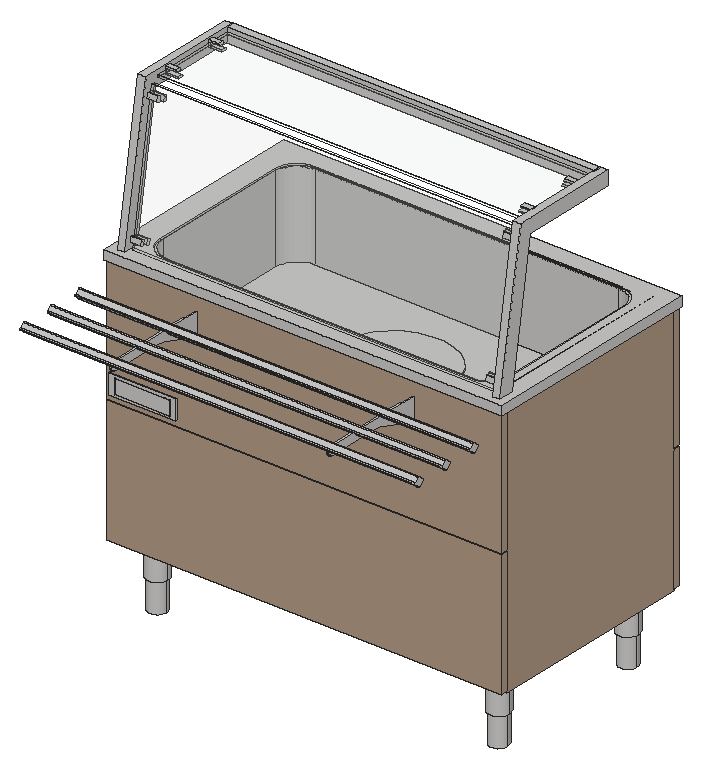
Revit family "QF_ELECTROLUXPROFESSIONAL_322094_F11C3AF01W", category Specialty Equipment, Revit 2018 (continued)
Automatic sketch dimensions
  curve 4 to plane 4 "FRONT" = 0 mm
  curve 69 to plane 34 = 1 mm
  curve 38 to plane 34 = 1 mm
  curve 42 to plane 34 = 0 mm
  curve 74 to plane 16 = 5.5 mm
  curve 45 to plane 16 = 5.5 mm
  curve 71 to curve 73 = 1.989 mm
  curve 34 to curve 36 = 2 mm
  curve 31 to plane 16 = 3.5 mm
  curve 29 to plane 16 = 3.5 mm
  plane 16 to curve 44 = 2.062 mm
  curve 99 to plane 9 = 11.101 mm
  plane 29 to curve 99 = 105.281 mm
  curve 100 to plane 3 "BACK" = 2 mm
  curve 100 to plane 28 = 26.966 mm
  curve 22 to plane 17 = 2.062 mm
  curve 26 to plane 17 = 2.062 mm
  curve 60 to plane 17 = 2.062 mm
  plane 17 to curve 62 = 3.5 mm
  plane 17 to curve 83 = 3.511 mm
  curve 83 to curve 87 = 1.989 mm
  curve 53 to curve 62 = 2 mm
  plane 35 to curve 93 = 0 mm
  plane 35 to curve 55 = 1 mm
  curve 78 to curve 80 = 1 mm
  curve 13 to plane 24 = 2.344 mm
  curve 10 to plane 24 = 2.344 mm
  plane 24 to curve 86 = 13.819 mm
  plane 24 to curve 74 = 13.819 mm
  curve 73 to curve 74 = 2.431 mm
  curve 84 to curve 82 = 2.431 mm
  curve 82 to curve 83 = 2.493 mm
  curve 71 to curve 73 = 2.493 mm
  curve 72 to curve 70 = 2.431 mm
  curve 83 to curve 81 = 2.431 mm
  curve 69 to curve 69 = 9.848 mm
  curve 80 to curve 80 = 9.848 mm
  plane 15 to curve 50 = 6.122 mm
  plane 15 to curve 36 = 6.122 mm
  curve 33 to curve 35 = 2.431 mm
  curve 50 to curve 51 = 2.431 mm
  curve 51 to curve 63 = 2.493 mm
  curve 34 to curve 46 = 2.493 mm
  curve 53 to curve 63 = 2.431 mm
  curve 65 to curve 38 = 7.355 mm
  curve 64 to curve 91 = 2.954 mm
  curve 48 to curve 56 = 6.894 mm
  curve 91 to curve 38 = 6.894 mm
  curve 39 to curve 47 = 1.229 mm
  curve 60 to curve 93 = 2.617 mm
  curve 47 to curve 94 = 2.617 mm
  curve 59 to curve 59 = 1.078 mm
  curve 42 to curve 41 = 1.078 mm
  curve 41 to curve 89 = 8.954 mm
  curve 89 to curve 29 = 32.796 mm
  curve 60 to curve 26 = 42.828 mm
  curve 25 to curve 25 = 14 mm
  curve 28 to curve 27 = 14 mm
  plane 1 "Centro (Fronte/Retro)" to curve 22 = 3 mm
  plane 1 "Centro (Fronte/Retro)" to curve 32 = 3 mm
  curve 30 to plane 1 "Centro (Fronte/Retro)" = 11 mm
  curve 22 to plane 1 "Centro (Fronte/Retro)" = 11 mm
  plane 36 to curve 14 = 26.023 mm
  plane 36 to curve 97 = 6.023 mm
  curve 97 to plane 16 = 13 mm
  curve 97 to curve 98 = 5 mm
  curve 73 to curve 88 = 0.034 mm
  plane 16 to curve 44 = 0.999 mm
  curve 101 to plane 9 = 28.421 mm
  curve 101 to curve 100 = 10 mm
  curve 101 to curve 100 = 46.005 mm
  curve 99 to curve 100 = 6.005 mm
  curve 61 to plane 17 = 0.999 mm
  plane 17 to curve 95 = 8 mm
  curve 95 to curve 96 = 5 mm
  curve 79 to curve 78 = 2.431 mm
  curve 68 to curve 67 = 2.431 mm
  curve 78 to curve 77 = 4.924 mm
  curve 67 to curve 66 = 4.924 mm
  plane 15 to curve 15 = 3.892 mm
  curve 16 to curve 50 = 2.23 mm
  curve 57 to curve 55 = 2.431 mm
  curve 40 to curve 38 = 2.431 mm
  curve 113 to curve 114 = 0 mm  (x2)
  curve 115 to curve 116 = 0 mm  (x2)
  curve 117 to curve 118 = 0 mm  (x2)
  curve 119 to curve 120 = 0 mm  (x2)
  curve 121 to curve 122 = 0 mm  (x2)
  curve 123 to curve 124 = 0 mm  (x2)
  curve 125 to curve 126 = 0 mm  (x2)
  curve 127 to curve 128 = 0 mm  (x2)
  curve 129 to curve 130 = 0 mm  (x2)
  curve 131 to curve 132 = 0 mm  (x2)
  curve 133 to curve 134 = 0 mm  (x2)
  curve 135 to curve 136 = 0 mm  (x2)
  curve 137 to curve 138 = 0 mm  (x2)
  curve 139 to curve 140 = 0 mm  (x2)
  curve 141 to curve 142 = 0 mm  (x2)
  curve 143 to curve 144 = 0 mm  (x2)
  curve 145 to curve 146 = 0 mm  (x2)
  curve 147 to curve 148 = 0 mm  (x2)
  curve 149 to curve 150 = 0 mm  (x2)
  curve 151 to curve 152 = 0 mm  (x2)
  curve 153 to curve 154 = 0 mm  (x2)
  curve 155 to curve 156 = 0 mm  (x2)
  curve 157 to curve 158 = 0 mm  (x2)
  curve 159 to curve 160 = 0 mm  (x2)
  curve 161 to curve 162 = 0 mm  (x2)
  curve 163 to curve 164 = 0 mm  (x2)
  curve 165 to curve 166 = 0 mm  (x2)
  curve 167 to curve 168 = 0 mm  (x2)
  curve 169 to curve 170 = 0 mm  (x2)
  curve 171 to curve 172 = 0 mm  (x2)
  curve 173 to curve 174 = 0 mm  (x2)
  curve 175 to curve 176 = 0 mm  (x2)
  curve 177 to curve 178 = 0 mm  (x2)
  curve 179 to curve 180 = 0 mm  (x2)
  curve 181 to curve 182 = 0 mm  (x2)
  curve 183 to curve 184 = 0 mm  (x2)
  curve 185 to curve 186 = 0 mm  (x2)
  curve 187 to curve 188 = 0 mm  (x2)
  curve 189 to curve 190 = 0 mm  (x2)
  curve 191 to curve 192 = 0 mm  (x2)
  curve 193 to curve 194 = 0 mm  (x2)
  curve 195 to curve 196 = 0 mm  (x2)
  curve 197 to curve 198 = 0 mm  (x2)
  curve 199 to curve 200 = 0 mm  (x2)
  curve 201 to curve 202 = 0 mm  (x2)
  curve 203 to curve 204 = 0 mm  (x2)
  curve 205 to curve 206 = 0 mm  (x2)
  curve 207 to curve 208 = 0 mm  (x2)
  curve 209 to curve 210 = 0 mm  (x2)
  curve 211 to curve 212 = 0 mm  (x2)
  curve 213 to curve 214 = 0 mm  (x2)
  curve 215 to curve 216 = 0 mm  (x2)
  curve 217 to curve 218 = 0 mm  (x2)
  curve 219 to curve 220 = 0 mm  (x2)
  curve 221 to curve 222 = 0 mm  (x2)
  curve 223 to curve 224 = 0 mm  (x2)
  curve 225 to curve 226 = 0 mm  (x2)
  curve 227 to curve 228 = 0 mm  (x2)
  curve 229 to curve 230 = 0 mm  (x2)
  curve 231 to curve 232 = 0 mm  (x2)
  curve 233 to curve 234 = 0 mm  (x2)
  curve 235 to curve 236 = 0 mm  (x2)
  curve 237 to curve 238 = 0 mm  (x2)
  curve 239 to curve 240 = 0 mm  (x2)
  curve 241 to curve 242 = 0 mm  (x2)
  curve 243 to curve 244 = 0 mm  (x2)
  curve 245 to curve 246 = 0 mm  (x2)
  curve 247 to curve 248 = 0 mm  (x2)
  curve 249 to curve 250 = 0 mm  (x2)
  curve 251 to curve 252 = 0 mm  (x2)
  plane 1 "Centro (Fronte/Retro)" to curve 114 = 0 mm
  plane 1 "Centro (Fronte/Retro)" to curve 224 = 0 mm
  plane 1 "Centro (Fronte/Retro)" to curve 222 = 0 mm
  plane 1 "Centro (Fronte/Retro)" to curve 219 = 0 mm
  plane 1 "Centro (Fronte/Retro)" to curve 116 = 0 mm
  plane 1 "Centro (Fronte/Retro)" to curve 152 = 0 mm
  plane 1 "Centro (Fronte/Retro)" to curve 153 = 0 mm
  plane 1 "Centro (Fronte/Retro)" to curve 155 = 0 mm
  plane 17 to curve 107 = 8 mm
  plane 41 to curve 106 = 26 mm
  plane 41 to curve 109 = 26 mm
  plane 8 to curve 224 = 59.894 mm
  curve 223 to curve 240 = 0.679 mm
  curve 223 to curve 206 = 0.679 mm
  curve 239 to curve 241 = 4.368 mm
  curve 205 to curve 208 = 4.368 mm
  plane 38 to curve 209 = 3.706 mm
  curve 207 to curve 209 = 7.5 mm
  curve 243 to plane 39 = 3.706 mm
  curve 241 to curve 243 = 7.5 mm
  curve 223 to curve 221 = 20 mm
  curve 221 to curve 214 = 0.055 mm
  curve 221 to curve 248 = 0.055 mm
  curve 211 to plane 38 = 4.105 mm
  curve 209 to curve 211 = 9.168 mm
  plane 39 to curve 246 = 4.105 mm
  curve 243 to curve 246 = 9.168 mm
  curve 213 to curve 215 = 3.411 mm
  curve 247 to curve 250 = 3.411 mm
  curve 215 to curve 200 = 8.25 mm
  curve 249 to curve 234 = 8.25 mm
  plane 37 to curve 204 = 0.547 mm
  curve 211 to curve 204 = 10.401 mm
  curve 237 to plane 36 = 0.547 mm
  curve 245 to curve 237 = 10.401 mm
  curve 235 to plane 39 = 4.966 mm
  curve 233 to curve 235 = 8.196 mm
  plane 38 to curve 202 = 4.966 mm
  curve 199 to curve 202 = 8.196 mm
  plane 8 to curve 220 = 19.894 mm
  curve 219 to curve 218 = 1.522 mm
  curve 219 to curve 252 = 1.522 mm
  curve 251 to curve 231 = 4.335 mm
  curve 217 to curve 198 = 4.335 mm
  curve 192 to plane 37 = 3.821 mm
  plane 8 to curve 192 = 14.023 mm
  plane 36 to curve 226 = 3.821 mm
  plane 8 to curve 226 = 14.023 mm
  curve 228 to plane 39 = 1.555 mm
  curve 235 to curve 228 = 9.668 mm
  plane 38 to curve 193 = 1.555 mm
  curve 201 to curve 193 = 9.668 mm
  plane 8 to curve 196 = 7.547 mm
  plane 8 to curve 229 = 7.547 mm
  plane 8 to curve 114 = 0.5 mm
  curve 117 to plane 8 = 0.106 mm
  curve 186 to plane 8 = 0.106 mm
  curve 116 to plane 8 = 0.106 mm
  curve 187 to plane 8 = 0.106 mm
  curve 121 to plane 8 = 0.106 mm
  curve 120 to plane 8 = 0.106 mm
  curve 189 to plane 8 = 0.106 mm
  curve 161 to plane 8 = 7.76 mm
  curve 128 to plane 8 = 7.76 mm
  curve 160 to plane 39 = 1.555 mm
  curve 187 to curve 160 = 10.42 mm
  plane 38 to curve 126 = 1.555 mm
  curve 119 to curve 126 = 10.42 mm
  curve 123 to plane 37 = 3.821 mm
  curve 121 to curve 123 = 14.129 mm
  plane 36 to curve 157 = 3.821 mm
  curve 189 to curve 157 = 14.129 mm
  curve 161 to curve 164 = 6.488 mm
  curve 127 to curve 129 = 6.488 mm
  curve 163 to curve 183 = 4.335 mm
  curve 129 to curve 149 = 4.335 mm
  curve 183 to curve 151 = 1.522 mm
  curve 167 to plane 39 = 4.966 mm
  curve 159 to curve 167 = 9.668 mm
  plane 38 to curve 134 = 4.966 mm
  curve 125 to curve 134 = 9.668 mm
  curve 170 to plane 36 = 0.547 mm
  curve 157 to curve 170 = 13.754 mm
  plane 37 to curve 135 = 0.547 mm
  curve 123 to curve 135 = 13.754 mm
  curve 167 to curve 166 = 8.196 mm
  curve 133 to curve 132 = 8.196 mm
  curve 165 to curve 182 = 8.25 mm
  curve 131 to curve 148 = 8.25 mm
  curve 144 to plane 38 = 4.105 mm
  curve 135 to curve 144 = 10.401 mm
  plane 39 to curve 177 = 4.105 mm
  curve 169 to curve 177 = 10.401 mm
  curve 147 to curve 146 = 3.411 mm
  curve 181 to curve 179 = 3.411 mm
  curve 179 to curve 153 = 0.055 mm
  curve 176 to plane 39 = 3.706 mm
  curve 177 to curve 176 = 9.168 mm
  plane 38 to curve 141 = 3.706 mm
  curve 143 to curve 141 = 9.168 mm
  curve 175 to curve 174 = 7.5 mm
  curve 141 to curve 140 = 7.5 mm
  curve 139 to curve 138 = 4.368 mm
  curve 173 to curve 172 = 4.368 mm
  curve 171 to curve 155 = 0.679 mm
  curve 112 to plane 40 = 19 mm
  curve 109 to plane 40 = 19 mm
  curve 111 to plane 16 = 8 mm
  plane 36 to curve 189 = 4.5 mm
  curve 107 to plane 14 = 29 mm
  curve 188 to plane 39 = 1.5 mm
  curve 235 to curve 234 = 8.25 mm
  curve 167 to curve 165 = 8.25 mm
  curve 244 to curve 241 = 9.91 mm
  curve 175 to curve 174 = 9.91 mm
  curve 165 to curve 181 = 8.196 mm
  curve 233 to curve 250 = 8.196 mm
  curve 185 to curve 115 = 20 mm
  curve 185 to curve 161 = 1.522 mm
  curve 186 to curve 230 = 1.522 mm
  curve 161 to curve 163 = 4.335 mm
  curve 229 to curve 231 = 4.335 mm
  curve 241 to curve 239 = 13.754 mm
  curve 173 to curve 171 = 13.754 mm
  curve 181 to curve 180 = 9.668 mm
  curve 250 to curve 247 = 9.668 mm
  curve 231 to curve 252 = 6.488 mm
  curve 163 to curve 184 = 6.488 mm
  plane 1 "Centro (Fronte/Retro)" to curve 149 = 7.654 mm
  plane 1 "Centro (Fronte/Retro)" to curve 218 = 7.654 mm
  plane 1 "Centro (Fronte/Retro)" to curve 146 = 10.42 mm
  plane 1 "Centro (Fronte/Retro)" to curve 214 = 10.42 mm
  plane 1 "Centro (Fronte/Retro)" to curve 138 = 14.129 mm
  plane 1 "Centro (Fronte/Retro)" to curve 206 = 14.129 mm
  curve 217 to curve 198 = 6.488 mm
  curve 149 to curve 129 = 6.488 mm
  curve 197 to curve 195 = 4.335 mm
  curve 129 to curve 127 = 4.335 mm
  curve 196 to curve 118 = 1.522 mm
  curve 145 to curve 148 = 9.668 mm
  curve 214 to curve 216 = 9.668 mm
  curve 207 to curve 209 = 9.91 mm
  curve 139 to curve 141 = 9.91 mm
  curve 147 to curve 132 = 8.196 mm
  curve 216 to curve 200 = 8.196 mm
  plane 38 to curve 120 = 1.5 mm
  curve 122 to plane 37 = 4.5 mm
  plane 15 to curve 108 = 29 mm
  curve 254 to plane 28 = 142 mm
  curve 114 to curve 223 = 95.606 mm
  curve 224 to curve 223 = 3 mm
  curve 205 to curve 205 = 3 mm
  curve 239 to curve 239 = 3 mm
  curve 208 to curve 207 = 3 mm
  curve 242 to curve 241 = 3 mm
  curve 243 to curve 243 = 3 mm
  curve 210 to curve 209 = 3 mm
  curve 222 to curve 221 = 3 mm
  curve 214 to curve 213 = 3 mm
  curve 247 to curve 247 = 3 mm
  curve 211 to curve 211 = 3 mm
  curve 246 to curve 245 = 3 mm
  curve 216 to curve 215 = 3 mm
  curve 250 to curve 249 = 3 mm
  curve 234 to curve 233 = 3 mm
  curve 200 to curve 199 = 3 mm
  curve 203 to curve 203 = 3 mm
  curve 238 to curve 237 = 3 mm
  curve 202 to curve 201 = 3 mm
  curve 235 to curve 235 = 3 mm
  curve 219 to curve 219 = 3 mm
  curve 252 to curve 251 = 3 mm
  curve 217 to curve 217 = 3 mm
  curve 232 to curve 231 = 3 mm
  curve 198 to curve 197 = 3 mm
  curve 192 to curve 191 = 3 mm
  curve 225 to curve 225 = 3 mm
  curve 193 to curve 193 = 3 mm
  curve 228 to curve 227 = 3 mm
  curve 229 to curve 229 = 3 mm
  curve 195 to curve 195 = 3 mm
  curve 116 to curve 113 = 2.394 mm
  plane 8 to curve 120 = 2.894 mm
  plane 8 to curve 122 = 2.894 mm
  plane 8 to curve 190 = 2.894 mm
  plane 8 to curve 187 = 2.894 mm
  curve 229 to curve 186 = 1.654 mm
  curve 196 to curve 117 = 1.654 mm
  curve 117 to curve 127 = 1.654 mm
  curve 185 to curve 161 = 1.654 mm
  curve 125 to curve 125 = 3 mm
  curve 160 to curve 159 = 3 mm
  curve 158 to curve 157 = 3 mm
  curve 123 to curve 123 = 3 mm
  curve 164 to curve 163 = 3 mm
  curve 129 to curve 129 = 3 mm
  curve 149 to curve 149 = 3 mm
  curve 184 to curve 183 = 3 mm
  curve 152 to curve 151 = 3 mm
  curve 168 to curve 167 = 3 mm
  curve 133 to curve 133 = 3 mm
  curve 136 to curve 135 = 3 mm
  curve 169 to curve 169 = 3 mm
  curve 132 to curve 131 = 3 mm
  curve 166 to curve 165 = 3 mm
  curve 148 to curve 147 = 3 mm
  curve 181 to curve 181 = 3 mm
  curve 143 to curve 143 = 3 mm
  curve 178 to curve 177 = 3 mm
  curve 146 to curve 145 = 3 mm
  curve 179 to curve 179 = 3 mm
  curve 153 to curve 153 = 3 mm
  curve 176 to curve 175 = 3 mm
  curve 142 to curve 141 = 3 mm
  curve 139 to curve 139 = 3 mm
  curve 174 to curve 173 = 3 mm
  curve 171 to curve 171 = 3 mm
  curve 138 to curve 137 = 3 mm
  curve 155 to curve 155 = 3 mm
  plane 29 to curve 253 = 142 mm
  radius of Extrusion 26 sketch curve = 10 mm
  radius of Extrusion 27 sketch curve = 10 mm
Nested families
  nested 1: "Foot_Ø50_H150" at (-986.269, -148.263, 0), type "Foot_Ø50_H150"
  nested 2: "Foot_Ø50_H150" at (-42.269, -148.263, 0), type "Foot_Ø50_H150"
  nested 3: "Foot_Ø50_H150" at (-42.269, 297.737, 0), type "Foot_Ø50_H150"
  nested 4: "Foot_Ø50_H150" at (-986.269, 297.737, 0), type "Foot_Ø50_H150"
  nested 5: "Cold Well Static w. Fan1100" at (0, 0, 0), type "Cold Well Static w. Fan1100"
    with Show Clearance yes
  nested 6: "Controller_compact" at (-958.019, -231.263, 572.8) x (-1, 0, 0) z (0, -1, 0), type "Controller_compact"
  nested 7: "Refrigerator" at (-144.269, -45.263, 900), type "Refrigerator"
Connectors
  piping at (-997.269, 124.737, 166), diameter 20
    settings: on Extrusion 26, index 6, connector inside diameter 609.6 mm, connector length 0 mm, flow factor 0, pipe flow 0.0 L/s, pressure drop 0.0 Pa, fitting loss kfactor 0, connector angle 0.00°, fixture units 0, engagement length 0 mm, angle of deflection 0.00°, flow configuration 1, flow direction 2, fitting loss method 0, system type 16, joint type 0, gender type 0, connector reference index -1, connector utility 0, adjustable connector no, is connector primary yes, connector description ""
  electrical at (-997.269, 24.737, 166)
    settings: on Extrusion 27, index 8, voltage 0 V, apparent load 0 VA, apparent load phase1 0 VA, apparent load phase2 0 VA, apparent load phase3 0 VA, power factor 1, load classification "Other", number of poles 1, system type 31, power factor state 1, is connector primary yes, connector utility no, sub classification motor no, connector description ""
Definition of nested family "Foot_Ø50_H150"
  Reference planes
    plane 1 "Centro (Fronte/Retro)": y = 0
    plane 2: z = 0
    plane 3 "Centro (Sinistra/Destra)": x = 0
    plane 4: z = 178
  Forms (mm)
    Revolve 1, solid
      sketch origin (255.05, 0, 608.09) x (0, 0, 1) y (-1, 0, 0)
        loop
          line (-608.09, 255.05) -> (-608.09, 230.05) -> (-526.09, 230.05) -> (-526.09, 226.05) -> (-430.09, 226.05) -> (-430.09, 255.05) -> (-608.09, 255.05)
        axis (-608.09, 255.05) -> (-430.09, 255.05)
      angle from 0 to 360
  Dimensions and locks
    Revolve 1 sketch curve to Revolve 1 sketch curve = 96 mm
    aligned and locked: level to plane 2
    aligned and locked: plane 4 to Revolve 1 sketch curve
    aligned and locked: Revolve 1 sketch curve to level
    aligned and locked: plane 3 "Centro (Sinistra/Destra)" to Revolve 1 sketch curve
Definition of nested family "Cold Well Static w. Fan1100"
  Parameters (values of type "Cold Well Static w. Fan1100")
    Show Clearance [instance] = yes
  Reference planes
    plane 1 "Centro (Fronte/Retro)": y = 74.737
    plane 2: z = 0
    plane 3 "BACK": y = 384.737
    plane 4 "FRONT": y = -235.263
    plane 5 "RIGHT": x = 35.731
    plane 6 "LEFT": x = -1064.269
    plane 7: x = -514.269
    plane 8 "TOP": z = 900
    plane 9: y = 352.737
    plane 10: y = -203.263
    plane 11: x = -11.469
    plane 12: x = -1017.069
    plane 13: y = 329.737
    plane 14: y = -180.263
    plane 15: x = -994.269
    plane 16: x = -34.269
    plane 17: z = 898
    plane 18: z = 658
    plane 19: z = 661
    plane 20: z = 624.1
    plane 21: x = -346.269
    plane 22: y = 188.737
    plane 23: y = -39.263
    plane 24: x = -650.269
    plane 25: z = 265
    plane 26: x = -939.269
    plane 27: x = -927.269
    plane 28: y = -200.063
    plane 29: y = 349.537
    plane 30 "1": y = 254.737
    plane 31: x = -489.269
    plane 32: y = -165.263
    plane 33: y = 314.737
  Forms (mm)
    Extrusion 1, solid
      sketch origin (0, 0, 900) x (-1, 0, 0) y (0, -1, 0)
        loop
          line (11.469, -352.737) -> (1017.069, -352.737) -> (1017.069, 203.263) -> (11.469, 203.263) -> (11.469, -352.737)
      from -2 to -242
    Extrusion 2, void
      sketch origin (0, 0, 900) x (-1, 0, 0) y (0, -1, 0)
        loop
          line (994.269, -268.737) -> (994.269, 119.263)
          arc (994.269, 119.263) -> (976.402, 162.396) -> (933.269, 180.263) r 61
          line (933.269, 180.263) -> (95.269, 180.263)
          arc (95.269, 180.263) -> (52.135, 162.396) -> (34.269, 119.263) r 61
          line (34.269, 119.263) -> (34.269, -268.737)
          arc (34.269, -268.737) -> (52.135, -311.871) -> (95.269, -329.737) r 61
          line (95.269, -329.737) -> (933.269, -329.737)
          arc (933.269, -329.737) -> (976.402, -311.871) -> (994.269, -268.737) r 61
      from 0 to -239
    Extrusion 3, solid
      sketch origin (0, 0, 900) x (-1, 0, 0) y (0, -1, 0)
        loop
          line (650.269, -188.737) -> (650.269, 39.263) -> (346.269, 39.263) -> (346.269, -188.737) -> (650.269, -188.737)
      from -242 to -275.9
    Extrusion 4, solid
      sketch origin (0, 0, 900) x (-1, 0, 0) y (0, -1, 0)
        loop
          circle (513.769, -74.737) r 155
        loop
          circle (514.375, -74.737) r 3
        loop
          circle (534.375, -74.737) r 3
        loop
          circle (554.375, -74.737) r 3
        loop
          circle (574.375, -74.737) r 3
        loop
          circle (514.375, -54.737) r 3
        loop
          circle (514.375, -34.737) r 3
        loop
          circle (514.375, -14.737) r 3
        loop
          circle (528.517, -60.595) r 3
        loop
          circle (542.659, -46.453) r 3
        loop
          circle (552.659, -29.132) r 3
        loop
          circle (522.029, -56.259) r 3
        loop
          circle (532.852, -67.083) r 3
        loop
          circle (524.795, -34.792) r 3
        loop
          circle (528.504, -15.416) r 3
        loop
          circle (534.463, -38.203) r 3
        loop
          circle (542.258, -19.785) r 3
        loop
          circle (554.32, -64.317) r 3
        loop
          circle (573.696, -60.608) r 3
        loop
          circle (550.909, -54.649) r 3
        loop
          circle (569.327, -46.854) r 3
        loop
          circle (561.827, -36.943) r 3
        loop
          circle (528.517, -88.879) r 3
        loop
          circle (542.659, -103.021) r 3
        loop
          circle (552.659, -120.342) r 3
        loop
          circle (522.029, -93.215) r 3
        loop
          circle (532.852, -82.391) r 3
        loop
          circle (524.795, -114.682) r 3
        loop
          circle (528.504, -134.058) r 3
        loop
          circle (534.463, -111.271) r 3
        loop
          circle (542.258, -129.69) r 3
        loop
          circle (554.32, -85.157) r 3
        loop
          circle (573.696, -88.866) r 3
        loop
          circle (550.909, -94.825) r 3
        loop
          circle (569.327, -102.621) r 3
        loop
          circle (561.827, -112.531) r 3
        loop
          circle (514.375, -94.737) r 3
        loop
          circle (514.375, -114.737) r 3
        loop
          circle (514.375, -134.737) r 3
        loop
          circle (494.375, -74.737) r 3
        loop
          circle (474.375, -74.737) r 3
        loop
          circle (454.375, -74.737) r 3
        loop
          circle (500.233, -60.595) r 3
        loop
          circle (486.091, -46.453) r 3
        loop
          circle (476.091, -29.132) r 3
        loop
          circle (506.721, -56.259) r 3
        loop
          circle (495.897, -67.083) r 3
        loop
          circle (503.955, -34.792) r 3
        loop
          circle (500.246, -15.416) r 3
        loop
          circle (494.287, -38.203) r 3
        loop
          circle (486.491, -19.785) r 3
        loop
          circle (474.43, -64.317) r 3
        loop
          circle (455.054, -60.608) r 3
        loop
          circle (477.841, -54.649) r 3
        loop
          circle (459.422, -46.854) r 3
        loop
          circle (466.922, -36.943) r 3
        loop
          circle (500.233, -88.879) r 3
        loop
          circle (486.091, -103.021) r 3
        loop
          circle (476.091, -120.342) r 3
        loop
          circle (506.721, -93.215) r 3
        loop
          circle (495.897, -82.391) r 3
        loop
          circle (503.955, -114.682) r 3
        loop
          circle (500.246, -134.058) r 3
        loop
          circle (494.287, -111.271) r 3
        loop
          circle (486.491, -129.69) r 3
        loop
          circle (474.43, -85.157) r 3
        loop
          circle (455.054, -88.866) r 3
        loop
          circle (477.841, -94.825) r 3
        loop
          circle (459.422, -102.621) r 3
        loop
          circle (466.922, -112.531) r 3
      from -233.523 to -230.523
  Cuts and joins
    Extrusion 2 cuts Extrusion 1
  Lines and regions (mm)
    symbolic lines
      curve 1: line (25.731, 384.737, 900) -> (-1054.269, 384.737, 900)
      curve 2: arc (-1054.269, 384.737, 900) -> (-1061.34, 381.808, 900) -> (-1064.269, 374.737, 900) r 10
      curve 3: line (-1064.269, 374.737, 900) -> (-1064.269, -225.263, 900)
      curve 4: arc (-1064.269, -225.263, 900) -> (-1061.34, -232.334, 900) -> (-1054.269, -235.263, 900) r 10
      curve 5: line (-1054.269, -235.263, 900) -> (25.731, -235.263, 900)
      curve 6: arc (25.731, -235.263, 900) -> (32.802, -232.334, 900) -> (35.731, -225.263, 900) r 10
      curve 7: line (35.731, -225.263, 900) -> (35.731, 374.737, 900)
      curve 8: arc (35.731, 374.737, 900) -> (32.802, 381.808, 900) -> (25.731, 384.737, 900) r 10
  Dimensions and locks
    plane 6 "LEFT" to plane 5 "RIGHT" = 1100 mm
    equal spacing: plane 3 "BACK", plane 1 "Centro (Fronte/Retro)", plane 4 "FRONT"
    plane 3 "BACK" to plane 4 "FRONT" = 620 mm
    equal spacing: plane 6 "LEFT", plane 7, plane 5 "RIGHT"
    locked: plane 8 "TOP" to plane 2 at 900
    locked: plane 6 "LEFT" to plane 12 at 47.2
    locked: plane 11 to plane 5 "RIGHT" at 47.2
    locked: plane 3 "BACK" to plane 9 at 32
    locked: plane 10 to plane 4 "FRONT" at 32
    locked: plane 3 "BACK" to plane 13 at 55
    locked: plane 14 to plane 4 "FRONT" at 55
    locked: plane 6 "LEFT" to plane 15 at 70
    locked: plane 16 to plane 5 "RIGHT" at 70
    locked: plane 8 "TOP" to plane 17 at 2
    plane 8 "TOP" to plane 18 = 242 mm
    locked: plane 19 to plane 18 at 3
    locked: plane 8 "TOP" to plane 20 at 275.9
    plane 21 to plane 11 = 334.8 mm
    locked: plane 9 to plane 22 at 164
    locked: plane 23 to plane 10 at 164
    plane 12 to plane 24 = 366.8 mm
    plane 8 "TOP" to plane 25 = 635 mm
    locked: plane 27 to plane 26 at 12
    equal spacing: plane 28, plane 1 "Centro (Fronte/Retro)", plane 29
    plane 18 to plane 25 = 393 mm
    plane 26 to plane 6 "LEFT" = 125 mm
    plane 15 to plane 16 = 960 mm
    plane 31 to plane 26 = 450 mm
    equal spacing: plane 32, plane 1 "Centro (Fronte/Retro)", plane 33
    plane 32 to plane 33 = 480 mm
    aligned and locked: level to plane 2
    aligned and locked: Extrusion 1 sketch curve to plane 9
    aligned and locked: plane 11 to Extrusion 1 sketch curve
    aligned and locked: Extrusion 1 sketch curve to plane 10
    aligned and locked: Extrusion 1 sketch curve to plane 12
    aligned and locked: Extrusion 1 to plane 18
    aligned and locked: Extrusion 2 to plane 19
    aligned and locked: Extrusion 3 sketch curve to plane 22
    aligned and locked: plane 23 to Extrusion 3 sketch curve
    aligned and locked: Extrusion 3 sketch curve to plane 21
    aligned and locked: Extrusion 3 to plane 20
    aligned and locked: plane 18 to Extrusion 3
    aligned and locked: Extrusion 3 to plane 24
  Automatic sketch dimensions
    Extrusion 2 sketch curve to plane 13 = 61 mm
    Extrusion 2 sketch curve to plane 16 = 61 mm
    plane 14 to Extrusion 2 sketch curve = 61 mm
    plane 15 to Extrusion 2 sketch curve = 61 mm
    plane 15 to Extrusion 3 sketch curve = 344 mm
    plane 1 "Centro (Fronte/Retro)" to Extrusion 4 sketch curve = 0 mm  (x8)
    Extrusion 4 sketch curve to Extrusion 4 sketch curve = 7.5 mm  (x4)
    Extrusion 4 sketch curve to Extrusion 4 sketch curve = 20 mm
    Extrusion 4 sketch curve to Extrusion 4 sketch curve = 0.055 mm  (x5)
    Extrusion 4 sketch curve to Extrusion 4 sketch curve = 9.168 mm  (x4)
    Extrusion 4 sketch curve to Extrusion 4 sketch curve = 3.411 mm  (x8)
    Extrusion 4 sketch curve to Extrusion 4 sketch curve = 8.25 mm  (x8)
    Extrusion 4 sketch curve to Extrusion 4 sketch curve = 10.401 mm  (x4)
    Extrusion 4 sketch curve to Extrusion 4 sketch curve = 8.196 mm  (x8)
    plane 7 to Extrusion 4 sketch curve = 19.894 mm
    Extrusion 4 sketch curve to Extrusion 4 sketch curve = 1.522 mm  (x5)
    Extrusion 4 sketch curve to Extrusion 4 sketch curve = 4.335 mm  (x8)
    plane 7 to Extrusion 4 sketch curve = 14.023 mm  (x2)
    Extrusion 4 sketch curve to Extrusion 4 sketch curve = 9.668 mm  (x8)
    plane 7 to Extrusion 4 sketch curve = 7.547 mm  (x2)
    plane 7 to Extrusion 4 sketch curve = 0.5 mm
    Extrusion 4 sketch curve to plane 7 = 0.106 mm  (x7)
    Extrusion 4 sketch curve to plane 7 = 7.76 mm  (x2)
    Extrusion 4 sketch curve to Extrusion 4 sketch curve = 10.42 mm  (x2)
    Extrusion 4 sketch curve to Extrusion 4 sketch curve = 14.129 mm  (x2)
    Extrusion 4 sketch curve to Extrusion 4 sketch curve = 6.488 mm  (x6)
    Extrusion 4 sketch curve to Extrusion 4 sketch curve = 13.754 mm  (x6)
    Extrusion 4 sketch curve to Extrusion 4 sketch curve = 4.368 mm  (x6)
    Extrusion 4 sketch curve to Extrusion 4 sketch curve = 0.679 mm  (x5)
    Extrusion 4 sketch curve to plane 1 "Centro (Fronte/Retro)" = 7.654 mm  (x2)
    Extrusion 4 sketch curve to plane 1 "Centro (Fronte/Retro)" = 10.42 mm  (x2)
    Extrusion 4 sketch curve to plane 1 "Centro (Fronte/Retro)" = 14.129 mm  (x2)
    Extrusion 4 sketch curve to Extrusion 4 sketch curve = 9.91 mm  (x4)
    Extrusion 4 sketch curve to Extrusion 4 sketch curve = 7.811 mm  (x4)
    Extrusion 4 sketch curve to Extrusion 4 sketch curve = 9.348 mm  (x4)
    plane 1 "Centro (Fronte/Retro)" to Extrusion 4 sketch curve = 7.654 mm  (x2)
    plane 1 "Centro (Fronte/Retro)" to Extrusion 4 sketch curve = 10.42 mm  (x2)
    plane 1 "Centro (Fronte/Retro)" to Extrusion 4 sketch curve = 14.129 mm  (x2)
    Extrusion 4 sketch curve to plane 31 = 5.018 mm
    plane 31 to Extrusion 4 sketch curve = 2.777 mm  (x2)
    curve 6 to plane 5 "RIGHT" = 0 mm
    curve 1 to plane 3 "BACK" = 0 mm
    curve 6 to plane 4 "FRONT" = 0 mm
    curve 2 to plane 6 "LEFT" = 0 mm
    curve 1 to plane 5 "RIGHT" = 10 mm
    curve 6 to curve 6 = 10 mm
    plane 6 "LEFT" to curve 5 = 10 mm
    curve 2 to curve 2 = 10 mm
    Extrusion 2 sketch curve to plane 16 = 0 mm
    plane 14 to Extrusion 2 sketch curve = 0 mm
    Extrusion 2 sketch curve to plane 13 = 0 mm
    Extrusion 2 sketch curve to plane 15 = 0 mm
    radius of Extrusion 4 sketch curve = 155 mm
    radius of Extrusion 4 sketch curve = 3 mm  (x69)
Definition of nested family "Controller_compact"
  Parameters
    Default Elevation = 1219.2 mm
  Reference planes
    plane 1 "Center (Front/Back)": y = 0
    plane 2: z = 0
    plane 3 "Center (Left/Right)": x = 0
    plane 4: x = -76
    plane 5: x = 76
    plane 6: y = -21
    plane 7: y = 21
    plane 8: x = -92.25
    plane 9: x = 92.25
    plane 10: y = -27.2
    plane 11: y = 27.2
  Forms (mm)
    Extrusion 1, solid
      sketch origin (0, 0, 0) x (1, 0, 0) y (0, 1, 0)
        loop
          line (-1219.2, 1219.2) -> (-1219.2, -1219.2) -> (1219.2, -1219.2) -> (1219.2, 1219.2) -> (-1219.2, 1219.2)
      from 0 to -304.8
    Extrusion 2, solid
      sketch origin (0, 0, 0) x (1, 0, 0) y (0, 1, 0)
        loop
          line (-76, 21) -> (-76, -21) -> (76, -21) -> (76, 21) -> (-76, 21)
      from 0 to 5
    Extrusion 3, solid
      sketch origin (0, 0, 0) x (1, 0, 0) y (0, 1, 0)
        loop
          line (-92.25, 27.2) -> (-92.25, -27.2) -> (92.25, -27.2) -> (92.25, 27.2) -> (-92.25, 27.2)
        loop
          line (-76, 21) -> (-76, -21) -> (76, -21) -> (76, 21) -> (-76, 21)
      from 0 to 5
  Lines and regions (mm)
    Split face 1
      outline origin (-14, 0, 5) x (1, 0, 0) y (0, 1, 0)
        loop
          line (-36, 10) -> (-36, -10) -> (-16, -10) -> (-16, 10) -> (-36, 10)
    Split face 2
      outline origin (26, 0, 5) x (1, 0, 0) y (0, 1, 0)
        loop
          line (-36, 10) -> (-36, -10) -> (-16, -10) -> (-16, 10) -> (-36, 10)
    Split face 3
      outline origin (98.5, 0, 5) x (1, 0, 0) y (0, 1, 0)
        loop
          line (-68.5, 10) -> (-68.5, -10) -> (-48.5, -10) -> (-48.5, 10) -> (-68.5, 10)
  Dimensions and locks
    equal spacing: plane 4, plane 3 "Center (Left/Right)", plane 5
    equal spacing: plane 7, plane 1 "Center (Front/Back)", plane 6
    plane 7 to plane 6 = 42 mm
    plane 4 to plane 5 = 152 mm
    equal spacing: plane 8, plane 3 "Center (Left/Right)", plane 9
    plane 8 to plane 9 = 184.5 mm
    equal spacing: plane 11, plane 1 "Center (Front/Back)", plane 10
    plane 11 to plane 10 = 54.4 mm
    aligned and locked: plane 2 to Extrusion 1
    aligned and locked: level to Extrusion 1
    aligned and locked: Extrusion 2 sketch curve to plane 7
    aligned and locked: plane 4 to Extrusion 2 sketch curve
    aligned and locked: plane 6 to Extrusion 2 sketch curve
    aligned and locked: Extrusion 2 sketch curve to plane 5
    aligned and locked: Extrusion 3 sketch curve to plane 11
    aligned and locked: plane 8 to Extrusion 3 sketch curve
    aligned and locked: plane 10 to Extrusion 3 sketch curve
    aligned and locked: Extrusion 3 sketch curve to plane 9
    aligned and locked: Extrusion 3 sketch curve to Extrusion 2  (x4)
    aligned and locked: Extrusion 3 to Extrusion 2
  Automatic sketch dimensions
    Extrusion 1 sketch curve to Extrusion 1 sketch curve = 2438.4 mm  (x2)
    Split face 1 sketch curve to Extrusion 2 = 11 mm  (x2)
    Split face 1 sketch curve to Extrusion 2 = 26 mm
    Split face 1 sketch curve to Split face 1 sketch curve = 20 mm
    Split face 2 sketch curve to Extrusion 2 = 11 mm  (x2)
    Split face 2 sketch curve to Extrusion 2 = 66 mm
    Split face 2 sketch curve to Split face 2 sketch curve = 20 mm
    Split face 3 sketch curve to Extrusion 2 = 11 mm  (x2)
    Split face 3 sketch curve to Extrusion 2 = 46 mm
    Split face 3 sketch curve to Split face 3 sketch curve = 20 mm
Definition of nested family "Refrigerator"
  Reference planes
    plane 1 "Center (Front/Back)": y = 0
    plane 2: z = 0
    plane 3 "Center (Left/Right)": x = 0
  Lines and regions (mm)
    detail lines, in view "Ref. Level"
      curve 1: line (0, -60, 0) -> (0, 60, 0)
      curve 2: line (-51.962, 30, 0) -> (51.962, -30, 0)
      curve 3: line (-51.962, -30, 0) -> (51.962, 30, 0)
      curve 4: line (19.116, 56.873, 0) -> (0, 35, 0)
      curve 5: line (0, 35, 0) -> (-19.116, 56.873, 0)
      curve 6: line (-30.311, 17.5, 0) -> (-40, 45.883, 0)
      curve 7: line (-59.736, 11.7, 0) -> (-30.311, 17.5, 0)
      curve 8: line (-30.311, -17.5, 0) -> (-59.736, -11.7, 0)
      curve 9: line (-40, -45.883, 0) -> (-30.311, -17.5, 0)
      curve 10: line (0, -35, 0) -> (-19.116, -56.873, 0)
      curve 11: line (19.116, -56.873, 0) -> (0, -35, 0)
      curve 12: line (30.311, -17.5, 0) -> (39.696, -44.992, 0)
      curve 13: line (58.812, -11.882, 0) -> (30.311, -17.5, 0)
      curve 14: line (30.311, 17.5, 0) -> (58.812, 11.882, 0)
      curve 15: line (39.696, 44.992, 0) -> (30.311, 17.5, 0)
Types (2, lengths in mm): name | URL | Manufacturer | Phase | Model | Description
  (no name) | 0 | 0 | 0 | 0 | 0
  Standard | "http://professional.electrolux.com" | "Electrolux Professional" | 1 | "F11C3AF01W" | "REFRIGERATED WELL, STATIC WITH FAN, 3GN H=900MM OVERSHELF W/LED LIGHTS"
